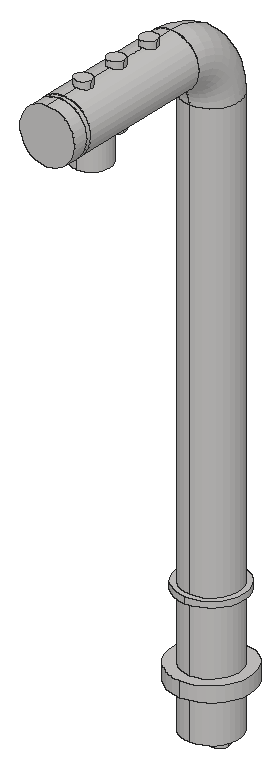
Revit family "QF_MARCO_FONT", category Specialty Equipment, Revit 2015
Parameters
  Weight in Pounds = 21
  Watts = 1800 W
  Volts = 120 V
  URL Cutsheet = ""
  Specification by User = ""
  Specification by Manufacturer = ""
  Serial Number = ""
  Seismic Rating = ""
  SMACNA No = ""
  Revision Code = ""
  Plumbing Remarks = ""
  Plumbing Connection Type = ""
  Phase = 1
  Number of Poles = 1
  NAFEM Spec ID Number = ""
  Model = "FONT"
  Min Ckt Ampacity = 0 A
  Max Overcurrent Protection = 0 A
  Masterspec = ""
  Manufacturer = "MARCO"
  Length = 1.181"
  Item Number = ""
  Installed By = ""
  Identify Quantity as Lot = yes
  Hot Water Temperature = 0 °F
  Hot Water Size = 1/4"
  Hot Water RI Height = 0.000"
  Hot Water Minimum Pressure = 0.00 psi
  Hot Water Maximum Pressure = 0.00 psi
  Hot Water Flow = 0 GPM
  Hot Water Consumption = 0 GPM
  Hot Water Connection Height = 0.000"
  Height = 9.724"
  HP = ""
  Furnished By = ""
  Foodservice Equipment Identifier = yes
  FL Amps = 2 A
  Electrical Remarks = ""
  Electric Connection Type = ""
  Elec Conn RI Height = 0.000"
  Elec Conn Connection Height = 0.000"
  Description = "MIX FONT 3 BUTTON GENERAL ASPECT"
  Depth = 5.039"
  Cycle = 60 Hz
  Conn Plug = "NEMA L6-20P"
  Conn Conduit = yes
  Cold Water Temperature Recommended = 0 °F
  Cold Water Size = 1/4"
  Cold Water RI Height = 0.000"
  Cold Water Minimum Pressure = 0.00 psi
  Cold Water Maximum Pressure = 0.00 psi
  Cold Water Flow = 0 GPM
  Cold Water Consumption = ""
  Cold Water Connection Height = 0.000"
  CSI MasterFormat = ""
  Apparent Power = 0 VA
Reference planes (in)
  plane 1 "BACK": y = 0
  plane 2: z = 0
  plane 3 "LEFT": x = 0
  plane 4 "RIGHT": x = 1.181
  plane 5 "FRONT": y = -5.039
  plane 6 "TOP": z = 9.724
  plane 7 "Center Y": x = 0.5905
  plane 8 "Center X": y = -2.5195
  plane 9: y = -1.181
  plane 10: y = -4.06451
  plane 11: y = -3.17204
  plane 12: y = -2.27958
Forms (in)
  Sweep 1, solid, material "QF_Metal - Stainless - Polished"
    path origin (0, 0, 0) x (0, 1, 0) y (0, 0, 1)
      loop
        line (-0.5905, 0) -> (-0.5905, 9.63994)
        arc (-0.5905, 9.63994) -> (-0.90845, 10.40753) -> (-1.67604, 10.72548) r 1.08554
    profile origin (0, -0.5905, 4.81997) x (0, -1, 0) y (1, 0, 0)
      loop
        circle (0, 0.5905) r 0.5905
  Extrusion 2, solid, material "QF_Metal - Stainless - Polished"
    sketch origin (0, -1.67604, 10.72548) x (1, 0, 0) y (0, 0, 1)
      loop
        circle (0.5905, 0) r 0.5905
    from 0 to 2.92621
  Extrusion 3, solid, material "QF_Metal - Stainless - Polished"
    sketch origin (0, -4.60225, 10.72548) x (1, 0, 0) y (0, 0, 1)
      loop
        circle (0.5905, 0) r 0.5905
    from 0 to 0.10183
  Extrusion 4, solid, material "QF_Metal - Stainless - Polished"
    sketch origin (0, -4.70407, 10.72548) x (1, 0, 0) y (0, 0, 1)
      loop
        circle (0.5905, 0) r 0.5905
    from 0 to 0.33493
  Revolve 5, solid, material "QF_Metal - Stainless - Polished"
    sketch origin (0.5905, 6.90541, 48) x (0, 1, 0) y (0, 0, 1)
      loop
        line (-10.74318, -38.276) -> (-10.74318, -37.276) -> (-11.14215, -37.276) -> (-11.14215, -38.276) -> (-10.74318, -38.276)
      axis (-10.74318, -37.276) -> (-10.74318, -38.276)
    angle from 0 to 360
  Extrusion 6, solid, material "QF_Metal - Stainless - Polished"
    sketch origin (-38.39759, -180, 9.724) x (-1, 0, 0) y (0, -1, 0)
      loop
        circle (-38.98809, -175.93549) r 0.17578
      loop
        circle (-38.98809, -176.82796) r 0.17578
      loop
        circle (-38.98809, -177.72042) r 0.17578
    from 1.4737 to 1.71424
  Extrusion 7, solid, material "QF_Metal - Stainless - Polished"
    sketch origin (-38.39759, -180, 9.724) x (-1, 0, 0) y (0, -1, 0)
      loop
        circle (-38.98809, -176.82796) r 0.17578
    from 0.3178 to 0.58643
  Extrusion 8, solid, material "QF_Metal - Stainless - Polished"
    sketch origin (0, -0.5905, 0) x (1, 0, 0) y (0, -1, 0)
      loop
        circle (0.5905, 0) r 0.7155
    from 0 to -0.125
  Extrusion 9, solid, material "QF_Metal - Stainless - Polished"
    sketch origin (0, -0.5905, 0) x (0, 1, 0) y (1, 0, 0)
      loop
        circle (0, 0.5905) r 0.5905
    from 0 to 2.75
  Extrusion 10, solid, material "QF_Metal - Stainless - Polished"
    sketch origin (0, -0.5905, 0) x (1, 0, 0) y (0, -1, 0)
      loop
        circle (0.5905, 0) r 0.8405
    from 1.77911 to 1.45383
  Extrusion 11, solid, material "QF_Metal - Stainless - Polished"
    sketch origin (0, -0.5905, -2.75) x (-1, 0, 0) y (0, 1, 0)
      loop
        circle (-0.5905, 0.32642) r 0.16339
      loop
        circle (-0.30741, -0.11184) r 0.19304
      loop
        circle (-0.87359, -0.11184) r 0.19304
    from 0 to 0.125
Cuts and joins
  joined: Extrusion 2, Revolve 5, Extrusion 6, Extrusion 7
  joined: Sweep 1, Extrusion 8
  joined: Extrusion 9, Extrusion 10
Lines and regions (in)
  symbolic lines
    curve 1: line (0, -5.039, 0) -> (1.181, -5.039, 0)
    curve 2: line (1.181, -5.039, 0) -> (1.181, -0.58906, 0)
    curve 3: line (0, -5.039, 0) -> (0, -0.58906, 0)
    curve 4: arc (1.181, -0.58906, 0) -> (0.5905, 0.00144, 0) -> (0, -0.58906, 0) r 0.5905
    curve 5: arc (0.41472, -2.27958, 0) -> (0.5905, -2.45536, 0) -> (0.76628, -2.27958, 0) r 0.17578
    curve 6: arc (0.76628, -2.27958, 0) -> (0.5905, -2.10379, 0) -> (0.41472, -2.27958, 0) r 0.17578
    curve 7: arc (0.76628, -3.17204, 0) -> (0.5905, -2.99626, 0) -> (0.41472, -3.17204, 0) r 0.17578
    curve 8: arc (0.41472, -3.17204, 0) -> (0.5905, -3.34783, 0) -> (0.76628, -3.17204, 0) r 0.17578
    curve 9: line (0, -1.67604, 0) -> (1.181, -1.67604, 0)
    curve 10: arc (0.41472, -4.06451, 0) -> (0.5905, -4.2403, 0) -> (0.76628, -4.06451, 0) r 0.17578
    curve 11: arc (0.76628, -4.06451, 0) -> (0.5905, -3.88873, 0) -> (0.41472, -4.06451, 0) r 0.17578
    curve 12: line (0, -4.60225, 0) -> (1.181, -4.60225, 0)
    curve 13: line (1.181, -4.70407, 0) -> (0, -4.70407, 0)
Dimensions and locks (in)
  equal spacing: plane 3 "LEFT", plane 7 "Center Y", plane 4 "RIGHT"
  "Length": plane 3 "LEFT" to plane 4 "RIGHT"
  equal spacing: plane 5 "FRONT", plane 8 "Center X", plane 1 "BACK"
  "Depth": plane 5 "FRONT" to plane 1 "BACK"
  "Height": plane 6 "TOP" to level
  plane 5 "FRONT" to plane 1 "BACK" = 5.039"
  plane 9 to plane 1 "BACK" = 1.181"
  plane 6 "TOP" to level = 9.724"
  aligned and locked: level to plane 2
Automatic sketch dimensions
  Sweep 1 sketch curve to level = 0.000"
  Sweep 1 sketch curve to plane 6 "TOP" = 0.08406"
  plane 9 to Sweep 1 sketch curve = 0.49504"
  plane 1 "BACK" to Sweep 1 sketch curve = 0.5905"
  Sweep 1 sketch curve to profile plane = 0.000"
  plane 3 "LEFT" to Sweep 1 sketch curve = 0.5905"
  Revolve 5 sketch curve to plane 6 "TOP" = 0.000"
  Revolve 5 sketch curve to plane 5 "FRONT" = 0.80226"
  Revolve 5 sketch curve to Revolve 5 sketch curve = 0.39897"
  plane 6 "TOP" to Revolve 5 sketch curve = 1.000"
  Revolve 5 sketch curve to Revolve 5 sketch curve = 0.000"
  Revolve 5 sketch curve to Revolve 5 sketch curve = 0.23608"
  Revolve 5 sketch curve to Revolve 5 sketch curve = 0.10781"
  Extrusion 6 sketch curve to plane 7 "Center Y" = 0.000"  (x3)
  plane 12 to Extrusion 6 sketch curve = 0.000"
  Extrusion 6 sketch curve to plane 11 = 0.000"
  Extrusion 6 sketch curve to plane 10 = 0.000"
  Extrusion 7 sketch curve to plane 7 "Center Y" = 0.000"
  Extrusion 7 sketch curve to plane 8 "Center X" = 0.65254"
  Extrusion 11 sketch curve to Extrusion 11 sketch curve = 0.28309"  (x2)
  Extrusion 11 sketch curve to Extrusion 11 sketch curve = 0.43826"  (x2)
  curve 1 to plane 3 "LEFT" = 0.000"
  curve 4 to plane 7 "Center Y" = 0.000"
  plane 5 "FRONT" to curve 1 = 0.000"
  plane 1 "BACK" to curve 3 = 0.58906"
  curve 5 to plane 7 "Center Y" = 0.000"
  plane 8 "Center X" to curve 6 = 0.23992"
  curve 6 to curve 5 = 0.17578"
  curve 7 to plane 7 "Center Y" = 0.000"
  curve 8 to plane 8 "Center X" = 0.65254"
  curve 7 to curve 7 = 0.17578"
  plane 9 to curve 9 = 0.49504"
  curve 11 to plane 7 "Center Y" = 0.000"
  curve 11 to curve 7 = 0.89247"
  curve 10 to curve 10 = 0.17578"
  curve 12 to plane 5 "FRONT" = 0.43675"
  curve 13 to curve 12 = 0.10183"
  radius of Sweep 1 sketch curve = 0.5905"
  radius of Extrusion 2 sketch curve to Sweep 1 = 0.000"
  radius of Extrusion 3 sketch curve to Extrusion 2 = 0.000"
  radius of Extrusion 4 sketch curve to Extrusion 3 = 0.000"
  radius of Extrusion 6 sketch curve = 0.17578"  (x3)
  radius of Extrusion 7 sketch curve = 0.17578"
  radius of Sweep 1 to Extrusion 8 sketch curve = 0.125"
  radius of Extrusion 9 sketch curve to Extrusion 8 = 0.125"
  radius of Sweep 1 to Extrusion 10 sketch curve = 0.250"
  radius of Extrusion 11 sketch curve = 0.16339"
  radius of Extrusion 11 sketch curve = 0.19304"  (x2)
Connectors (in)
  piping at (0.30741, -0.70234, -2.875), diameter 0.25
    settings: on Extrusion 11, index 1, connector inside diameter 24", connector length 0.000", flow factor 0, pipe flow 0 GPM, pressure drop 0.00 psi, fitting loss kfactor 0, connector angle 0.00°, fixture units 0, engagement length 0.000", angle of deflection 0.00°, flow configuration 1, flow direction 1, fitting loss method 0, system type 19, joint type 0, gender type 0, connector reference index -1, connector utility 0, adjustable connector no, is connector primary yes, connector description "COLD WATER INLET"
  piping at (0.87359, -0.70234, -2.875), diameter 0.25
    settings: on Extrusion 11, index 2, connector inside diameter 24", connector length 0.000", flow factor 0, pipe flow 0 GPM, pressure drop 0.00 psi, fitting loss kfactor 0, connector angle 0.00°, fixture units 0, engagement length 0.000", angle of deflection 0.00°, flow configuration 1, flow direction 1, fitting loss method 0, system type 19, joint type 0, gender type 0, connector reference index -1, connector utility 0, adjustable connector no, is connector primary no, connector description "COLD WATER INLET"
  electrical at (0.5905, -0.26408, -2.875), driven by "Volts", driven by "Watts"
    settings: on Extrusion 11, index 3, voltage 120 V, apparent load 1800 VA, apparent load phase1 0 VA, apparent load phase2 0 VA, apparent load phase3 0 VA, power factor 1, load classification "Other", number of poles 1, system type 30, power factor state 1, is connector primary yes, connector utility no, sub classification motor no, connector description "ELECTRICAL CONNECTION"
